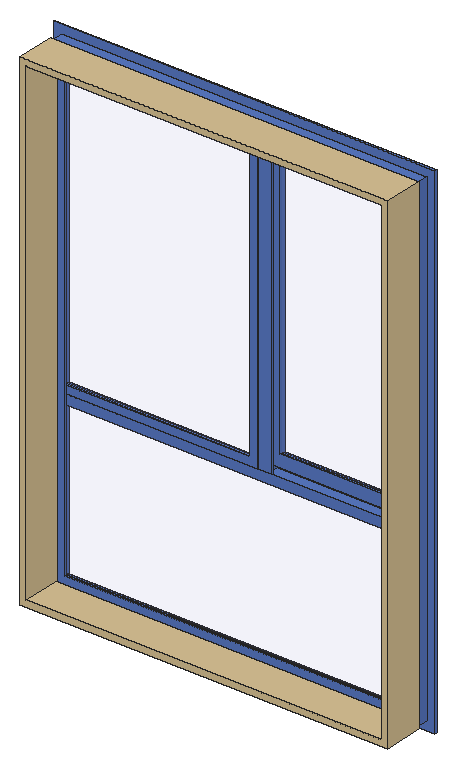
Revit family
Parameters (values of type "1200 x 1600")
  WinthinWall [instance] = 20 mm
  SashWidth = 500 mm
  SashHeight = 1000 mm
  Packer = 25 mm
  Operation = "TriplePanelBottom"
  Keynote = "45-23-015"
  Height = 1600 mm
  Default Sill Height [instance] = 500 mm
  Wall Closure = (empty or 0)
  Width = 1200 mm
  Assembly Code = ""
Types (8, lengths in mm): name | SashWidth | SashHeight | Operation | Keynote | Height | Default Sill Height | Width
  1000 x 1600 | 500 | 1000 | "" | "45-23-014" | 1600 | 500 | 1000
  1000 x 2000 | 500 | 1200 | "TriplePanelBottom" | "45-23-018" | 2000 | 100 | 1000
  800 x 1000 | 500 | 800 | "TriplePanelBottom" | "45-23-011" | 1000 | 1100 | 800
  800 x 1200 | 500 | 900 | "TriplePanelBottom" | "45-23-012" | 1200 | 900 | 800
  800 x 1400 | 500 | 1000 | "TriplePanelBottom" | "45-23-013" | 1400 | 700 | 800
  800 x 1600 | 500 | 1000 | "TriplePanelBottom" | "45-23-016" | 1600 | 500 | 800
  1200 x 1600 | 500 | 1000 | "TriplePanelBottom" | "45-23-015" | 1600 | 500 | 1200
  1200 x 1800 | 600 | 1100 | "TriplePanelBottom" | "45-23-017" | 1800 | 300 | 1200
Reference planes
  plane 1: y = 0
  plane 2 "Center (Left/Right)": x = -10.949
  plane 3 "Left": x = -610.949
  plane 4 "Right": x = 589.051
  plane 5 "Sill": z = 500
  plane 6 "Head": z = 2100
  plane 7 "Exterior": y = 75
  plane 8 "Interior": y = -75
  plane 9 "GlassLine": y = 55
  plane 10: y = -90
  plane 11: z = 1950
  plane 12: z = 1100
  plane 13: x = 89.051
  plane 14: x = 339.051
  plane 15: x = 614.051
  plane 16: x = -635.949
Forms (mm)
  Sweep 1, solid
    path origin (0, 55, 0) x (1, 0, 0) y (0, 0, 1)
      loop
        line (589.051, 500) -> (589.051, 2100) -> (-610.949, 2100) -> (-610.949, 500) -> (589.051, 500)
    profile origin (-10.949, 0, 0) x (0, 0, -1) y (0, -1, 0)
      loop
        line (-510, -75) -> (-510, -35) -> (-550, -35) -> (-550, -39.838) -> (-520.362, -39.838) -> (-520.362, -75) -> (-515.033, -75) -> (-515.033, -79.773) -> (-482.319, -79.773) -> (-482.319, -75) -> (-510, -75)
  Sweep 2, solid, detail levels medium+fine
    path origin (0, 55, 0) x (1, 0, 0) y (0, 0, 1)
      loop
        line (589.051, 500) -> (589.051, 2100) -> (-610.949, 2100) -> (-610.949, 500) -> (589.051, 500)
    profile origin (-10.949, 0, 0) x (0, 0, -1) y (0, -1, 0)
      loop
        line (-505, -35.674) -> (-505, 90) -> (-524.003, 90) -> (-524.003, -35.674) -> (-505, -35.674)
  Extrusion 3, solid, detail levels medium+fine
    sketch origin (0, 55, 0) x (1, 0, 0) y (0, 0, 1)
      loop
        line (524.102, 1139.948) -> (524.102, 2035.052) -> (128.999, 2035.052) -> (128.999, 1139.948) -> (524.102, 1139.948)
    from 0 to 5
  Sweep 4, solid, detail levels medium+fine
    path origin (0, 55, 0) x (1, 0, 0) y (0, 0, 1)
      loop
        line (564.051, 1100) -> (564.051, 2075) -> (89.051, 2075) -> (89.051, 1100) -> (564.051, 1100)
    profile origin (326.551, 0, 0) x (0, 0, -1) y (0, -1, 0)
      loop
        line (-1100, -44.297) -> (-1139.948, -44.297) -> (-1139.948, -61.375) -> (-1121.55, -79.773) -> (-1105.256, -79.773) -> (-1105.256, -84.961) -> (-1069.995, -84.961) -> (-1069.995, -79.773) -> (-1100, -79.773) -> (-1100, -44.297)
  Sweep 5, solid
    path origin (0, 55, 0) x (1, 0, 0) y (0, 0, 1)
      loop
        line (568.689, 520.362) -> (568.689, 1069.995) -> (-590.588, 1069.995) -> (-590.588, 520.362) -> (568.689, 520.362)
    profile origin (-10.949, 0, 0) x (0, 0, -1) y (0, -1, 0)
      loop
        line (-515.033, -75) -> (-515.033, -39.838) -> (-545.033, -39.838) -> (-545.033, -55) -> (-525.033, -75) -> (-515.033, -75)
  Extrusion 6, solid
    sketch origin (0, 55, 0) x (1, 0, 0) y (0, 0, 1)
      loop
        line (544.017, 545.033) -> (544.017, 1045.323) -> (-565.916, 1045.323) -> (-565.916, 545.033) -> (544.017, 545.033)
    from 5 to 10
  Sweep 7, solid, detail levels medium+fine
    path origin (0, 55, 0) x (1, 0, 0) y (0, 0, 1)
      loop
        line (59.045, 1075.323) -> (59.045, 2079.638) -> (-590.588, 2079.638) -> (-590.588, 1075.323) -> (59.045, 1075.323)
    profile origin (-265.771, 0, 0) x (0, 0, -1) y (0, -1, 0)
      loop
        line (-1075.323, -75) -> (-1075.323, -39.838) -> (-1100, -39.838) -> (-1100, -55) -> (-1080.525, -75) -> (-1075.323, -75)
  Extrusion 8, solid, detail levels medium+fine
    sketch origin (0, 55, 0) x (1, 0, 0) y (0, 0, 1)
      loop
        line (34.368, 1100) -> (34.368, 2054.961) -> (-565.911, 2054.961) -> (-565.911, 1100) -> (34.368, 1100)
    from 5 to 10
  Sweep 9, solid
    path origin (0, 55, 0) x (1, 0, 0) y (0, 0, 1)
      loop
        line (89.051, 1075.323) -> (89.051, 2079.638)
    profile origin (0, 0, 1577.481) x (-1, 0, 0) y (0, -1, 0)
      loop
        line (-59.045, -45) -> (-59.045, -39.838) -> (-104.142, -39.838) -> (-104.142, -45) -> (-93.298, -45) -> (-93.298, -75) -> (-84.8, -75) -> (-84.8, -45) -> (-59.045, -45)
Lines and regions (mm)
  Opening 1
    outline origin (3582.473, -75, 0) x (1, 0, 0) y (0, 0, 1)
      loop
        line (-2993.423, 500) -> (-2993.423, 2100) -> (-4193.423, 2100) -> (-4193.423, 500) -> (-2993.423, 500)
  symbolic lines, style "Elevation Swing"
    curve 1: line (524.102, 0, 1139.948) -> (339.051, 0, 1950)
    curve 2: line (128.999, 0, 1139.948) -> (339.051, 0, 1950)
Text (mm)
  text "EXTERIOR" at (-1963.203, 1332.353, 0), in view "Ref. Level"
  text "INTERIOR" at (-1981.466, -818.386, 0), in view "Ref. Level"
  text "Exterior" at (0, 923.751, 2943.296), in view "Right"
  text "Exterior" at (0, 1040.484, 2685.409), in view "Left"
Dimensions and locks
  equal spacing: plane 3 "Left", plane 2 "Center (Left/Right)", plane 4 "Right"
  "Width": plane 3 "Left" to plane 4 "Right"
  "Height": plane 5 "Sill" to plane 6 "Head"
  "Default Sill Height": plane 5 "Sill" to level
  locked: plane 7 "Exterior" to host wall at 0
  locked: plane 8 "Interior" to host wall
  "WinthinWall": plane 9 "GlassLine" to plane 7 "Exterior"
  locked: plane 10 to plane 8 "Interior" at 15
  locked: plane 11 to plane 6 "Head" at 150
  "SashHeight": plane 12 to plane 6 "Head"
  "SashWidth": plane 13 to plane 4 "Right"
  equal spacing: plane 13, plane 14, plane 4 "Right"
  "Packer": plane 16 to plane 3 "Left"
  "Packer": plane 4 "Right" to plane 15
  aligned and locked: Sweep 1 sketch curve to host wall  (x2)
  aligned and locked: host wall to Sweep 1 sketch curve
  aligned and locked: plane 6 "Head" to Sweep 2 sketch curve
  aligned and locked: plane 10 to Sweep 2 sketch curve
  aligned and locked: profile plane to Sweep 4 sketch curve
  aligned and locked: Sweep 1 to Sweep 4 sketch curve  (x2)
  aligned and locked: Extrusion 3 sketch curve to Sweep 4  (x4)
  aligned and locked: Sweep 4 sketch curve to plane 12
  aligned and locked: Sweep 5 sketch curve to Sweep 1  (x2)
  aligned and locked: plane 9 "GlassLine" to Sweep 5 sketch curve
  aligned and locked: Sweep 5 sketch curve to Sweep 5 sketch curve
  aligned and locked: Extrusion 6 sketch curve to Sweep 5  (x2)
  aligned and locked: Sweep 5 to Extrusion 6 sketch curve
  aligned and locked: Extrusion 3 to curve 1
  aligned and locked: plane 13 to Sweep 4 sketch curve
  aligned and locked: plane 11 to curve 1
  aligned and locked: curve 2 to Extrusion 3
  aligned and locked: Sweep 1 sketch curve to plane 3 "Left"
  aligned and locked: Sweep 4 to Sweep 7 sketch curve
  aligned and locked: Sweep 1 to Sweep 7 sketch curve  (x2)
  aligned and locked: Sweep 5 to Sweep 7 sketch curve
  aligned and locked: plane 9 "GlassLine" to Sweep 7 sketch curve
  aligned and locked: Extrusion 8 sketch curve to Sweep 7  (x3)
  aligned and locked: Sweep 7 to Extrusion 8 sketch curve
  aligned and locked: Sweep 9 sketch curve to Sweep 1
  aligned and locked: plane 13 to Sweep 9 sketch curve
Automatic sketch dimensions
  Opening 1 sketch curve to plane 3 "Left" = 0 mm
  Opening 1 sketch curve to plane 4 "Right" = 0 mm
  Opening 1 sketch curve to plane 5 "Sill" = 0 mm
  Opening 1 sketch curve to plane 6 "Head" = 0 mm
  Sweep 2 sketch curve to plane 3 "Left" = 0 mm
  Sweep 2 sketch curve to plane 4 "Right" = 0 mm
  Sweep 2 sketch curve to plane 5 "Sill" = 0 mm
  profile plane to Sweep 2 sketch curve = 24.003 mm
  profile plane to Sweep 2 sketch curve = 5 mm
  plane 9 "GlassLine" to Sweep 2 sketch curve = 19.326 mm
  plane 9 "GlassLine" to Sweep 1 sketch curve = 20 mm
  profile plane to Sweep 1 sketch curve = 50 mm
  profile plane to Sweep 1 sketch curve = 20.362 mm
  Sweep 1 sketch curve to Sweep 1 sketch curve = 5.328 mm
  profile plane to Sweep 1 sketch curve = 10 mm
  Sweep 1 sketch curve to profile plane = 17.681 mm
  Sweep 1 sketch curve to Sweep 1 sketch curve = 4.838 mm
  Sweep 1 sketch curve to plane 9 "GlassLine" = 20 mm
  Sweep 1 sketch curve to Sweep 1 sketch curve = 0 mm
  Sweep 1 sketch curve to Sweep 1 sketch curve = 4.773 mm
  profile plane to Sweep 4 sketch curve = 5.256 mm
  Sweep 4 sketch curve to Sweep 4 sketch curve = 16.294 mm
  Sweep 4 sketch curve to plane 9 "GlassLine" = 6.375 mm
  Sweep 4 sketch curve to Sweep 4 sketch curve = 18.399 mm
  Sweep 4 sketch curve to Sweep 4 sketch curve = 5.188 mm
  plane 9 "GlassLine" to Sweep 4 sketch curve = 10.703 mm
  Sweep 4 sketch curve to profile plane = 30.005 mm
  profile plane to Sweep 5 sketch curve = 4.672 mm
  profile plane to Sweep 5 sketch curve = 24.672 mm
  Sweep 5 sketch curve to plane 9 "GlassLine" = 20 mm
  plane 9 "GlassLine" to Sweep 5 sketch curve = 15.162 mm
  Sweep 5 sketch curve to profile plane = 5.328 mm
  Sweep 5 sketch curve to plane 3 "Left" = 20.362 mm
  plane 12 to Sweep 5 sketch curve = 30.005 mm
  Extrusion 6 sketch curve to plane 3 "Left" = 45.033 mm
  plane 4 "Right" to Sweep 4 sketch curve = 25 mm
  plane 6 "Head" to Sweep 4 sketch curve = 25 mm
  curve 1 to plane 14 = 0 mm
  curve 2 to plane 12 = 39.948 mm
  curve 1 to plane 12 = 39.948 mm
  Sweep 7 sketch curve to plane 3 "Left" = 20.362 mm
  plane 12 to Sweep 7 sketch curve = 24.677 mm
  Sweep 7 sketch curve to Sweep 7 sketch curve = 5.202 mm
  Sweep 7 sketch curve to Sweep 7 sketch curve = 24.677 mm
  Sweep 7 sketch curve to plane 9 "GlassLine" = 20 mm
  plane 12 to Sweep 9 sketch curve = 24.677 mm
  profile plane to Sweep 9 sketch curve = 15.091 mm
  profile plane to Sweep 9 sketch curve = 4.248 mm
  Sweep 9 sketch curve to profile plane = 4.25 mm
  plane 9 "GlassLine" to Sweep 9 sketch curve = 10 mm
  Sweep 9 sketch curve to Sweep 9 sketch curve = 25.755 mm
  Sweep 9 sketch curve to plane 9 "GlassLine" = 20 mm
  Sweep 9 sketch curve to Sweep 9 sketch curve = 0 mm
  Sweep 9 sketch curve to Sweep 9 sketch curve = 5.162 mm
